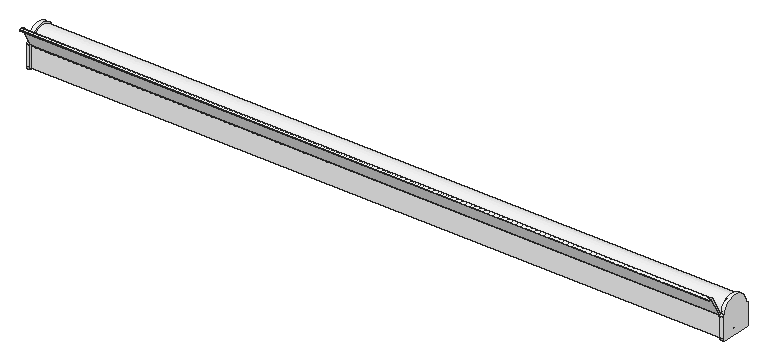
Revit family "0045175+0045236 Feilo Sylvania Lighting Fixture SYLBATTEN LED8 NW TP3 with ASYMMETRIC REFLECTOR ACCESSORY 1500MM", category Lighting Fixtures, host Face, Revit 2017
Family settings
  Host = Face
  Round Connector Dimension = Use Diameter
  Part Type = Normal
  OmniClass Number = 23.80.70.00
  OmniClass Title = Lighting
  Cut with Voids When Loaded = No
  Light Source = Yes
  Shared = No
  Room Calculation Point = No
Parameters (values of type "0045175 SYLBATTEN LED8 NW TP3")
  Width_FEILO = 66 mm
  Weight = "3.07 kg"
  Wattage Comments = "n/a"
  Wattage = 79 W
  WarrantyStartDate [instance] = "n/a"
  WarrantyGuarantorParts = "n/a"
  WarrantyDurationUnit = "n/a"
  WarrantyDurationParts = "n/a"
  WarrantyDescription = "n/a"
  built-in parameter 1150110 = 1 (stored number, unit not read)
  Voltage = 230 V
  URL = "http://www.sylvania-lighting.com"
  TypeName = "SYLBATTEN LED8 NW TP3"
  Type Image = <None>
  Type Comments = "n/a"
  built-in parameter 1114217 = 1 (stored number, unit not read)
  Tilt Angle = -90.00°
  built-in parameter 1150109 = 1 (stored number, unit not read)
  built-in parameter 1150134 = 12
  SymReflector_FEILO = no
  built-in parameter 1150113 = 1 (stored number, unit not read)
  SerialNumber [instance] = "n/a"
  PowerFactor = 0
  PowerConsumption = "79 W"
  Photometric Web File = "0045175+0045236.ies"
  NominalLength = 1505 mm
  NominalHeight = 91 mm
  NominalDepth = 122 mm
  Name = "SYLBATTEN LED8 NW TP3"
  ModelReference = Name  # "SYLBATTEN LED8 NW TP3"
  ModelNumber = "0045175"
  Model = Name  # "SYLBATTEN LED8 NW TP3"
  Material_4_FEILO = Reflector-Sylvania-Sylbatten-White
  Material_3_FEILO = Diffuser-Sylvania-Sylbatten-Glow
  Material_2_FEILO = Body-Sylvania-Sylbatten-White
  Material_1_FEILO = Body-Sylvania-Sylbatten-White
  Material = "sheet steel housing, polycarbonate diffuser"
  ManufacturerName = "Feilo Sylvania"
  Manufacturer = "Feilo Sylvania"
  LuminousEfficacy = "105.6 lm/W"
  built-in parameter 1150105 = 664.31 (stored number, unit not read)
  Lumens = 8347.93 lm
  LuminaireType = ""
  built-in parameter 1150115 = 1 (stored number, unit not read)
  LightOutputRatio = "100"
  built-in parameter 1150137 = (empty or 0)
  built-in parameter 1150139 = (empty or 0)
  Length_FEILO = 1505 mm
  LampsType = Lamp  # "LED"
  LampNominalLuminous = "8348 lm"
  LampMacAdamStep = "n/a"
  LampColourTemperature = "4000 K"
  LampColourRenderingIndex = "80"
  built-in parameter 1150112 = 1 (stored number, unit not read)
  built-in parameter 1150114 = 1 (stored number, unit not read)
  Lamp = "LED"
  Keynote = "16500"
  InstallationDate [instance] = "n/a"
  InputVoltage = "220-240V~"
  InputNominalFrequency = "n/a"
  built-in parameter 1150132 = (empty or 0)
  built-in parameter 1150102 = (empty or 0)
  built-in parameter 1150107 = 4000 (stored number, unit not read)
  built-in parameter 1150138 = (empty or 0)
  IngressProtection = "IP20"
  ImpactProtectionIndex = "IK07"
  built-in parameter 1150106 = 6.6431 (stored number, unit not read)
  IfcExportType = "IfcLightFixtureType"
  IfcExportAs = "IfcLightFixtureType"
  Height_FEILO = 76 mm
  ExpectedLife = 50000
  Emit from Rectangle Width = Length_FEILO - 16 mm  # 1489 mm
  Emit from Rectangle Length = Width_FEILO - 40 mm  # 26 mm
  Emit Shape Visible in Rendering = no
  ElectricShockClassification = "Class I"
  built-in parameter 1150104 = 9.8171 (stored number, unit not read)
  DurationUnit = "hours"
  DocumentationLiterature = "http://www.sylvania-lighting.com/product/en-int/products/0045175"
  DimmingControlOptions = "n/a"
  Dimming Lamp Color Temperature Shift = <None>
  Description = "LED batten, T8 replacement, ease of installation through 2 part push-in design of the housing (safety cable included), through wiring capability (TP3 = 3 core), sheet steel, 8348M, 79W, 106lm/W, 4000K, drive current: 450mA, CRI 80, 138° wide beam angle, electronic driver (non dimmable), IP20, IK07, 50,000 hrs (L70), (LxWxH) 1505x66x76mm, 5 step MacAdam ellipse, 3.7kg, white RAL9016, Class 1, 220-240V, energy class: A++, A+, A."
  Default Elevation = 1219.2 mm
  CreatedOn = "1/25/2018"
  CreatedBy = ""
  Cost = 0
  Color Filter = 16777215
  built-in parameter 1114216 [instance] = (empty or 0)
  ClassificationValue = "EF_70_80"
  ClassificationName = "Uniclass2015"
  CapOffset_FEILO = 2 mm
  BarCode [instance] = "n/a"
  built-in parameter 1114218 = 1 (stored number, unit not read)
  BackReflector_FEILO = and(not(AsymReflector_FEILO), SymReflector_FEILO)  # no
  built-in parameter 1150133 = 10 (stored number, unit not read)
  FrontReflector_FEILO = or(AsymReflector_FEILO, SymReflector_FEILO)  # yes
  AsymReflector_FEILO = yes
  AssetType = "Fixed"
  AssetIdentifier [instance] = "n/a"
  Assembly Code = "D5020200"
  Apparent Load = 79 VA
Reference planes
  plane 1 "Center (Front/Back)": y = 0
  plane 2: z = 0
  plane 3 "Center (Left/Right)": x = 0
  plane 4: x = 752.5
  plane 5: x = -752.5
  plane 6: y = 33
  plane 7: y = -33
  plane 8: z = 76
  plane 9: z = 47
  plane 10: y = -29
  plane 11: y = 29
  plane 12: z = 20
  plane 13: z = 74
  plane 14: y = -31
  plane 15: y = -27
  plane 16: y = 27
  plane 17: y = 31
  plane 18: z = 2
  plane 19: x = -744.5
  plane 20: x = 744.5
  plane 21: z = 49
  plane 22: y = 1
  plane 23: y = -1
  plane 24: z = 21
  plane 25: z = 19
  plane 26: y = -61
  plane 27: y = 61
  plane 28: y = -56
  plane 29: y = 56
  plane 30: z = 91
  plane 31: z = 88
Forms (mm)
  Extrusion 1, solid, material "Body-Sylvania-Sylbatten-White" <- "Material_2_FEILO"
    sketch origin (0, 0, 0) x (0, 1, 0) y (0, 0, 1)
      loop
        line (-31, 2) -> (31, 2) -> (31, 45)
        arc (31, 45) -> (30.414, 46.414) -> (29, 47) r 2
        line (29, 47) -> (27, 47)
        arc (27, 47) -> (0, 74) -> (-27, 47) r 27
        line (-27, 47) -> (-29, 47)
        arc (-29, 47) -> (-30.414, 46.414) -> (-31, 45) r 2
        line (-31, 45) -> (-31, 2)
    from -744.5 to 744.5
  Extrusion 2, solid, material "Body-Sylvania-Sylbatten-White" <- "Material_2_FEILO"
    sketch origin (752.5, 1524, 1219.2) x (0, 1, 0) y (0, 0, 1)
      loop
        arc (-1494, -1219.2) -> (-1491.879, -1218.321) -> (-1491, -1216.2) r 3
        line (-1491, -1216.2) -> (-1491, -1173.2)
        arc (-1491, -1173.2) -> (-1491.879, -1171.079) -> (-1494, -1170.2) r 3
        line (-1494, -1170.2) -> (-1495.069, -1170.2)
        arc (-1495.069, -1170.2) -> (-1524, -1143.2) -> (-1552.931, -1170.2) r 29
        line (-1552.931, -1170.2) -> (-1554, -1170.2)
        arc (-1554, -1170.2) -> (-1556.121, -1171.079) -> (-1557, -1173.2) r 3
        line (-1557, -1173.2) -> (-1557, -1216.2)
        arc (-1557, -1216.2) -> (-1556.121, -1218.321) -> (-1554, -1219.2) r 3
        line (-1554, -1219.2) -> (-1494, -1219.2)
      loop
        arc (-1525, -1189.25) -> (-1531.071, -1192.129) -> (-1533.95, -1198.2) r 10
        line (-1533.95, -1198.2) -> (-1532.944, -1198.2)
        arc (-1532.944, -1198.2) -> (-1530.364, -1192.836) -> (-1525, -1190.256) r 9
        line (-1525, -1190.256) -> (-1525, -1189.25)
      loop
        arc (-1523, -1190.256) -> (-1517.636, -1192.836) -> (-1515.056, -1198.2) r 9
        line (-1515.056, -1198.2) -> (-1514.05, -1198.2)
        arc (-1514.05, -1198.2) -> (-1516.929, -1192.129) -> (-1523, -1189.25) r 10
        line (-1523, -1189.25) -> (-1523, -1190.256)
      loop
        line (-1532.944, -1200.2) -> (-1533.95, -1200.2)
        arc (-1533.95, -1200.2) -> (-1531.071, -1206.271) -> (-1525, -1209.15) r 10
        line (-1525, -1209.15) -> (-1525, -1208.144)
        arc (-1525, -1208.144) -> (-1530.364, -1205.564) -> (-1532.944, -1200.2) r 9
      loop
        arc (-1515.056, -1200.2) -> (-1517.636, -1205.564) -> (-1523, -1208.144) r 9
        line (-1523, -1208.144) -> (-1523, -1209.15)
        arc (-1523, -1209.15) -> (-1516.929, -1206.271) -> (-1514.05, -1200.2) r 10
        line (-1514.05, -1200.2) -> (-1515.056, -1200.2)
    from 0 to -8
  Extrusion 3, solid, material "Body-Sylvania-Sylbatten-White" <- "Material_2_FEILO"
    sketch origin (-752.5, 1524, 1219.2) x (0, 1, 0) y (0, 0, 1)
      loop
        arc (-1495.069, -1170.2) -> (-1524, -1143.2) -> (-1552.931, -1170.2) r 29
        line (-1552.931, -1170.2) -> (-1554, -1170.2)
        arc (-1554, -1170.2) -> (-1556.121, -1171.079) -> (-1557, -1173.2) r 3
        line (-1557, -1173.2) -> (-1557, -1216.2)
        arc (-1557, -1216.2) -> (-1556.121, -1218.321) -> (-1554, -1219.2) r 3
        line (-1554, -1219.2) -> (-1494, -1219.2)
        arc (-1494, -1219.2) -> (-1491.879, -1218.321) -> (-1491, -1216.2) r 3
        line (-1491, -1216.2) -> (-1491, -1173.2)
        arc (-1491, -1173.2) -> (-1491.879, -1171.079) -> (-1494, -1170.2) r 3
        line (-1494, -1170.2) -> (-1495.069, -1170.2)
      loop
        line (-1533.95, -1198.2) -> (-1532.944, -1198.2)
        arc (-1532.944, -1198.2) -> (-1530.364, -1192.836) -> (-1525, -1190.256) r 9
        line (-1525, -1190.256) -> (-1525, -1189.25)
        arc (-1525, -1189.25) -> (-1531.071, -1192.129) -> (-1533.95, -1198.2) r 10
      loop
        line (-1523, -1189.25) -> (-1523, -1190.256)
        arc (-1523, -1190.256) -> (-1517.636, -1192.836) -> (-1515.056, -1198.2) r 9
        line (-1515.056, -1198.2) -> (-1514.05, -1198.2)
        arc (-1514.05, -1198.2) -> (-1516.929, -1192.129) -> (-1523, -1189.25) r 10
      loop
        line (-1514.05, -1200.2) -> (-1515.056, -1200.2)
        arc (-1515.056, -1200.2) -> (-1517.636, -1205.564) -> (-1523, -1208.144) r 9
        line (-1523, -1208.144) -> (-1523, -1209.15)
        arc (-1523, -1209.15) -> (-1516.929, -1206.271) -> (-1514.05, -1200.2) r 10
      loop
        line (-1525, -1209.15) -> (-1525, -1208.144)
        arc (-1525, -1208.144) -> (-1530.364, -1205.564) -> (-1532.944, -1200.2) r 9
        line (-1532.944, -1200.2) -> (-1533.95, -1200.2)
        arc (-1533.95, -1200.2) -> (-1531.071, -1206.271) -> (-1525, -1209.15) r 10
    from 0 to 8
  Extrusion 4, solid, material "Reflector-Sylvania-Sylbatten-White" <- "Material_4_FEILO", visible <- "FrontReflector_FEILO"
    sketch origin (0, 0, 0) x (0, 1, 0) y (0, 0, 1)
      loop
        line (-61.257, 88.429) -> (-60.743, 87.571) -> (-56.621, 90.044)
        arc (-56.621, 90.044) -> (-56.237, 90.099) -> (-55.929, 89.863) r 0.5
        line (-55.929, 89.863) -> (-31.435, 46.753) -> (-30.565, 47.247) -> (-55.312, 90.802)
        arc (-55.312, 90.802) -> (-55.928, 91.275) -> (-56.696, 91.165) r 1
        line (-56.696, 91.165) -> (-61.257, 88.429)
    from -744.5 to 744.5
  Extrusion 5, solid, material "Reflector-Sylvania-Sylbatten-White" <- "Material_4_FEILO", visible <- "BackReflector_FEILO"
    sketch origin (0, 0, 0) x (0, 1, 0) y (0, 0, 1)
      loop
        line (30.565, 47.247) -> (31.435, 46.753) -> (55.932, 89.868)
        arc (55.932, 89.868) -> (56.245, 90.112) -> (56.638, 90.062) r 0.518
        line (56.638, 90.062) -> (61.033, 87.565) -> (61.527, 88.435) -> (56.682, 91.188)
        arc (56.682, 91.188) -> (55.922, 91.282) -> (55.318, 90.812) r 1
        line (55.318, 90.812) -> (30.565, 47.247)
    from -744.5 to 744.5
Lines and regions (mm)
  reference lines
    curve 1: line (0, -61, 88) -> (0, -56, 91)
    curve 2: line (0, -56, 91) -> (0, -31, 47)
    curve 3: line (0, 31, 47) -> (0, 56, 91)
    curve 4: line (0, 56, 91) -> (0, 61.28, 88)
Dimensions and locks
  equal spacing: plane 5, plane 3 "Center (Left/Right)", plane 4
  equal spacing: plane 7, plane 1 "Center (Front/Back)", plane 6
  "Width_FEILO": plane 7 to plane 6
  "Length_FEILO": plane 5 to plane 4
  "Height_FEILO": plane 8 to plane 2
  locked: plane 9 to plane 8 at 29
  equal spacing: plane 10, plane 1 "Center (Front/Back)", plane 11
  locked: plane 7 to plane 10 at 4
  locked: plane 12 to plane 2 at 20
  "CapOffset_FEILO": plane 13 to plane 8
  "CapOffset_FEILO": plane 7 to plane 14
  "CapOffset_FEILO": plane 10 to plane 15
  "CapOffset_FEILO": plane 17 to plane 6
  "CapOffset_FEILO": plane 16 to plane 11
  "CapOffset_FEILO": plane 18 to plane 2
  locked: plane 14 to Extrusion 1 sketch curve at 2
  locked: Extrusion 1 sketch curve to plane 9 at 2  (x2)
  locked: plane 16 to Extrusion 1 sketch curve at 2
  equal spacing: plane 19, plane 3 "Center (Left/Right)", plane 20
  locked: plane 5 to plane 19 at 8
  "CapOffset_FEILO": plane 9 to plane 21
  locked: Extrusion 2 sketch curve to plane 2 at 47
  locked: Extrusion 1 sketch curve to plane 2 at 47
  locked: Extrusion 2 sketch curve to plane 2 at 3  (x2)
  locked: plane 7 to Extrusion 2 sketch curve at 3  (x2)
  locked: Extrusion 2 sketch curve to plane 6 at 3  (x2)
  locked: Extrusion 2 sketch curve to plane 21 at 3  (x2)
  equal spacing: plane 23, plane 1 "Center (Front/Back)", plane 22
  equal spacing: plane 25, plane 12, plane 24
  plane 30 to plane 31 to plane 2 = 3 mm locked, 88 mm locked
  plane 28 to plane 29 = 112 mm
  plane 26 to plane 27 = 122 mm
  aligned and locked: plane 2 to host face
  aligned and locked: level to host face
  aligned and locked: plane 18 to Extrusion 1 sketch curve
  aligned and locked: plane 14 to Extrusion 1 sketch curve
  aligned and locked: Extrusion 1 sketch curve to plane 9  (x2)
  aligned and locked: Extrusion 1 sketch curve to plane 17
  aligned and locked: plane 15 to Extrusion 1 sketch curve
  aligned and locked: plane 16 to Extrusion 1 sketch curve
  aligned and locked: plane 9 to Extrusion 1 sketch curve
  aligned and locked: plane 20 to Extrusion 1
  aligned and locked: level to Extrusion 2 sketch curve
  aligned and locked: Extrusion 2 sketch curve to plane 7
  aligned and locked: plane 21 to Extrusion 2 sketch curve
  aligned and locked: Extrusion 2 sketch curve to plane 21
  aligned and locked: plane 1 "Center (Front/Back)" to Extrusion 2 sketch curve  (x3)
  aligned and locked: Extrusion 2 to Extrusion 1
  aligned and locked: plane 4 to Extrusion 2
  aligned and locked: plane 12 to Extrusion 2 sketch curve  (x2)
  aligned and locked: Extrusion 2 sketch curve to plane 22
  aligned and locked: Extrusion 2 sketch curve to plane 23
  aligned and locked: Extrusion 2 sketch curve to plane 24
  aligned and locked: Extrusion 2 sketch curve to plane 25
  aligned and locked: plane 25 to Extrusion 2 sketch curve
  aligned and locked: plane 22 to Extrusion 2 sketch curve
  aligned and locked: plane 24 to Extrusion 2 sketch curve
  aligned and locked: plane 23 to Extrusion 2 sketch curve  (x2)
  aligned and locked: Extrusion 3 sketch curve to Extrusion 2  (x22)
  aligned and locked: Extrusion 3 to Extrusion 1
  aligned and locked: Extrusion 3 to plane 5
  aligned and locked: plane 19 to Extrusion 3
  aligned and locked: plane 31 to curve 1
  aligned and locked: plane 30 to curve 1
  aligned and locked: plane 14 to curve 2
  aligned and locked: plane 9 to curve 2
  aligned and locked: plane 17 to curve 3
  aligned and locked: plane 30 to curve 3
  aligned and locked: plane 31 to curve 4
  aligned and locked: Extrusion 4 sketch curve to curve 2
  aligned and locked: Extrusion 4 sketch curve to curve 1
  aligned and locked: Extrusion 4 to Extrusion 1
  aligned and locked: Extrusion 1 to Extrusion 4
  aligned and locked: imposter light to plane 1 "Center (Front/Back)"
  aligned and locked: imposter light to plane 3 "Center (Left/Right)"
  aligned and locked: imposter light to plane 13
  aligned and locked: Extrusion 5 sketch curve to curve 4
  aligned and locked: Extrusion 5 sketch curve to curve 3
  aligned and locked: Extrusion 1 to Extrusion 5
  aligned and locked: Extrusion 5 to Extrusion 1
Automatic sketch dimensions
  host sketch curve to host sketch curve = 2438.4 mm  (x2)
  Extrusion 2 sketch curve to Extrusion 2 sketch curve = 0 mm  (x14)
  Extrusion 2 sketch curve to plane 10 = 0.069 mm
  plane 23 to Extrusion 2 sketch curve = 8.95 mm
  Extrusion 2 sketch curve to Extrusion 2 sketch curve = 1.006 mm  (x4)
  Extrusion 2 sketch curve to plane 22 = 7.944 mm
  curve 1 to plane 26 = 0 mm
  curve 2 to plane 28 = 0 mm
  curve 4 to plane 29 = 0 mm
  plane 9 to curve 3 = 0 mm
  plane 26 to Extrusion 4 sketch curve = 0.257 mm
  Extrusion 4 sketch curve to plane 26 = 0.257 mm
  Extrusion 4 sketch curve to plane 30 = 0.165 mm
  plane 28 to Extrusion 4 sketch curve = 0.696 mm
  plane 28 to Extrusion 4 sketch curve = 0.621 mm
  plane 28 to Extrusion 4 sketch curve = 0.364 mm
  plane 28 to Extrusion 4 sketch curve = 0.182 mm
  Extrusion 4 sketch curve to plane 28 = 0.071 mm
  plane 30 to Extrusion 4 sketch curve = 0.198 mm
  Extrusion 4 sketch curve to plane 28 = 0.688 mm
  plane 9 to Extrusion 4 sketch curve = 0.247 mm
  plane 1 "Center (Front/Back)" to Extrusion 4 sketch curve = 31.435 mm
  Extrusion 5 sketch curve to plane 9 = 0.247 mm
  Extrusion 5 sketch curve to plane 1 "Center (Front/Back)" = 30.565 mm
  plane 9 to Extrusion 5 sketch curve = 0.247 mm
  plane 30 to Extrusion 5 sketch curve = 0.188 mm
  plane 29 to Extrusion 5 sketch curve = 0.068 mm
  Extrusion 5 sketch curve to plane 29 = 0.188 mm
  Extrusion 5 sketch curve to plane 29 = 0.382 mm
  Extrusion 5 sketch curve to Extrusion 5 sketch curve = 0.256 mm
  Extrusion 5 sketch curve to plane 30 = 0.188 mm
  Extrusion 5 sketch curve to plane 29 = 0.682 mm
  Extrusion 5 sketch curve to plane 27 = 0.033 mm
  Extrusion 5 sketch curve to plane 27 = 0.527 mm
Connectors
  electrical at (0, 0, 0), driven by "Apparent Load", driven by "PowerFactor", driven by "Voltage"
    settings: index 1, voltage 230 V, apparent load 79 VA, apparent load phase1 0 VA, apparent load phase2 0 VA, apparent load phase3 0 VA, power factor 0, load classification "Lighting", number of poles 1, system type 30, power factor state 1, is connector primary yes, connector utility no, sub classification motor no, connector description ""
